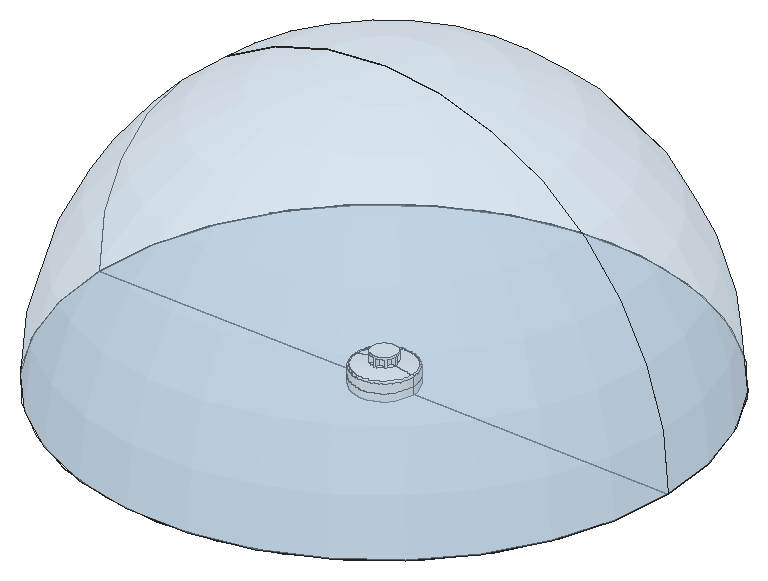
Revit family "4318_Conventional Heat Detector", category Fire Alarm Devices, host Face, Revit 2020
Family settings
  Host = Face
  Maintain Annotation Orientation = No
  Round Connector Dimension = Use Diameter
  Part Type = Normal
  OmniClass Number = 23.85.30.21
  OmniClass Title = Environmental Detection/Registration
  Cut with Voids When Loaded = No
  Shared = No
  Room Calculation Point = No
Parameters (values of type "4318W_2423W")
  ø (mm) = 102 mm  # constant formula
  Weight = "54g"  # constant formula
  Voltage Normal = "24 VDC"  # constant formula
  Voltage Allowed = "12 – 30 VDC"  # constant formula
  Version = "RVT20"
  Vds Approval = "G208048"  # constant formula
  Uniformat 2010 Description = "Detection and Alarm"  # constant formula
  Uniformat 2010  Code = "D7050"  # constant formula
  Uniclass 2015 Description = "Fire and smoke detector bases"  # constant formula
  Uniclass 2015 Code = "Pr_75_80_30_27 "  # constant formula
  URL = "https://www.panasonic-fire-security.com"
  Type Comments = "The combination heat detector 4318W is a conventional fixed temperature detector, category A1R. The detector will give an alarm at a certain fixed temperature (59 °C) and/or at a certain temperature rise, \"rate-of-rise\" function."
  Tested and Approved = "EN54-5"  # constant formula
  Product Material = Polycarbonate_Panasonic_White
  Omniclass Description = "Smoke Detectors"  # constant formula
  Omniclass Code = "23.85.30.21.11.11.11"  # constant formula
  Model = "4318W"
  Min_Wire Size = "Ø 0.65 mm (0.3 mm²)"  # constant formula
  Max_Wire Size = "Ø 1.6 mm (2 mm²)"  # constant formula
  Manufacturer = "Panasonic"  # constant formula
  Ingress Protection Rating = "IP51"  # constant formula
  H_Total (mm) = 51.5 mm  # constant formula
  H_Detector (mm) = 39 mm  # constant formula
  H_Base (mm) = 12.5 mm  # constant formula
  Description = "Conventional heat detector 4318W with 2423W conventional base"
  Default Elevation = 0 mm
  Current Quiescent = "0.015 mA"  # constant formula
  Current (Active) = "Min. 3 mA"  # constant formula
  Contact = ""
  Clearance Area (0,5m according EN54-14) [instance] = yes
  Clearance Area = Clearance Area
  CPR = "0786-CPR-21198"  # constant formula
  Bases = Base_2324 : 2423W
  Ambient Temperature Storage = "-25 to +70 °C"  # constant formula
  Ambient Temperature Operating = "-10 to +50 °C"  # constant formula
  Ambient Humidity = "Maximum 95 % RH "  # constant formula
Types (3, lengths in mm): name | Type Comments | Product Material | Model | Description | Bases
  (no name) | "The combination heat detector 4318W is a conventional fixed temperature detector, category A1R. The detector will give an alarm at a certain fixed temperature (59 °C) and/or at a certain temperature rise, \"rate-of-rise\" function." | Polycarbonate_Panasonic_White | "4318W" | "Conventional heat detector 4318W with 2423W conventional base" | Base_2324 : 2423W
  4318_2423 | "The combination heat detector 4318 is a conventional fixed temperature detector, category A1R. The detector will give an alarm at a certain fixed temperature (59 °C) and/or at a certain temperature rise, \"rate-of-rise\" function." | Polycarbonate_Panasonic_Grey | "4318" | "Conventional heat detector 4318 with 2423 conventional base" | Base_2324 : 2423
  4318W_2423W | "The combination heat detector 4318W is a conventional fixed temperature detector, category A1R. The detector will give an alarm at a certain fixed temperature (59 °C) and/or at a certain temperature rise, \"rate-of-rise\" function." | Polycarbonate_Panasonic_White | "4318W" | "Conventional heat detector 4318W with 2423W conventional base" | Base_2324 : 2423W
Reference planes
  plane 1 "Center (Front/Back)": y = 0
  plane 2: z = 0
  plane 3 "Center (Left/Right)": x = 0
  plane 4: z = 12.5
  plane 5: z = 51.5
  plane 6: z = 49.115
  plane 7: z = 35.375
  plane 8: z = 28.012
  plane 9: z = 30.442
Forms (mm)
  Extrusion 1, solid, material "Polycarbonate_Panasonic_White" <- "Product Material"
    sketch origin (0, 0, 0) x (1, 0, 0) y (0, 1, 0)
      loop
        circle (0, 0) r 51
      loop
        circle (0, 0) r 25
    from 12.5 to 28.012
  Revolve 2, solid, material "Polycarbonate_Panasonic_White" <- "Product Material"
    sketch origin (0, 0, 0) x (1, 0, 0) y (0, 0, 1)
      loop
        line (-51, 28.012) -> (0, 28.012) -> (0, 30.442) -> (-49.193, 30.442)
        arc (-49.193, 30.442) -> (-50.613, 29.612) -> (-51, 28.012) r 2.101
      axis (0, 30.442) -> (0, 28.012)
    angle from 0 to 360
  Extrusion 3, solid, material "Polycarbonate_Panasonic_White" <- "Product Material"
    sketch origin (0, 0, 0) x (1, 0, 0) y (0, 1, 0)
      loop
        circle (0, 0) r 21
    from 35.375 to 51.5
  Extrusion 4, void
    sketch origin (0, 0, 0) x (1, 0, 0) y (0, 1, 0)
      loop
        line (-18.878, 22.014) -> (-9.514, 11.094)
        arc (-9.514, 11.094) -> (-5.385, 13.799) -> (-0.74, 15.467) r 21
        line (-0.74, 15.467) -> (-0.79, 28.989)
        arc (-0.79, 28.989) -> (-10.434, 27.058) -> (-18.878, 22.014) r 29
      loop
        line (2.111, 28.923) -> (1.195, 16.37)
        arc (1.195, 16.37) -> (6.288, 14.775) -> (10.815, 11.948) r 21
        line (10.815, 11.948) -> (19.863, 21.13)
        arc (19.863, 21.13) -> (11.657, 26.554) -> (2.111, 28.923) r 29
      loop
        line (21.874, 19.04) -> (11.849, 10.314)
        arc (11.849, 10.314) -> (14.382, 5.826) -> (15.745, 0.857) r 21
        line (15.745, 0.857) -> (28.983, 1.003)
        arc (28.983, 1.003) -> (26.98, 10.633) -> (21.874, 19.04) r 29
      loop
        line (28.938, -1.898) -> (12.84, -0.842)
        arc (12.84, -0.842) -> (12.054, -5.123) -> (10.403, -9.149) r 21
        line (10.403, -9.149) -> (21.275, -19.707)
        arc (21.275, -19.707) -> (26.639, -11.462) -> (28.938, -1.898) r 29
      loop
        line (19.2, -21.734) -> (9.002, -10.19)
        arc (9.002, -10.19) -> (5.178, -12.542) -> (0.941, -14.028) r 21
        line (0.941, -14.028) -> (1.216, -28.975)
        arc (1.216, -28.975) -> (10.831, -26.901) -> (19.2, -21.734) r 29
      loop
        arc (-0.848, -14.572) -> (-5.316, -13.147) -> (-9.356, -10.766) r 21
        line (-9.356, -10.766) -> (-19.55, -21.42)
        arc (-19.55, -21.42) -> (-11.265, -26.723) -> (-1.685, -28.951) r 29
        line (-1.685, -28.951) -> (-0.848, -14.572)
      loop
        arc (-28.965, -1.429) -> (-26.821, -11.029) -> (-21.592, -19.36) r 29
        line (-21.592, -19.36) -> (-11.179, -10.023)
        arc (-11.179, -10.023) -> (-13.644, -5.775) -> (-15.055, -1.071) r 21
        line (-15.055, -1.071) -> (-28.965, -1.429)
      loop
        line (-28.963, 1.472) -> (-14.652, 0.745)
        arc (-14.652, 0.745) -> (-13.116, 5.402) -> (-10.543, 9.577) r 21
        line (-10.543, 9.577) -> (-20.983, 20.017)
        arc (-20.983, 20.017) -> (-26.639, 11.462) -> (-28.963, 1.472) r 29
    from 35.375 to 49.115
  Extrusion 5, solid, material "Clearance Area" <- "Clearance Area", visible <- "Clearance Area (0,5m according EN54-14)", detail levels medium+fine
    sketch origin (0, 0, 0) x (1, 0, 0) y (0, 1, 0)
      loop
        circle (0, 0) r 500
    from 0 to 1
  Revolve 6, solid, material "Polycarbonate_Panasonic_White" <- "Product Material"
    sketch origin (0, 0, 0) x (1, 0, 0) y (0, 0, 1)
      loop
        line (-49.193, 30.442) -> (0, 30.442) -> (0, 35.375) -> (-21, 35.375) -> (-49.193, 30.442)
      axis (0, 35.375) -> (0, 30.442)
    angle from 0 to 360
  Revolve 7, solid, material "Clearance Area" <- "Clearance Area", visible <- "Clearance Area (0,5m according EN54-14)"
    sketch origin (0, 0, 0) x (1, 0, 0) y (0, 0, 1)
      loop
        line (0, 0) -> (0, 500)
        arc (0, 500) -> (-353.553, 353.553) -> (-500, 0) r 500
        line (-500, 0) -> (0, 0)
      axis (0, 500) -> (0, 0)
    angle from 0 to 360
Cuts and joins
  Extrusion 4 cuts Extrusion 3
Lines and regions (mm)
  symbolic lines, style "Dash Fire", visible <- "Clearance Area (0,5m according EN54-14)", detail levels medium+fine
    curve 1: circle (0, 0, 0) r 500 normal (0, 0, 1)
Dimensions and locks
  "H_Base (mm)": plane 4 to host face
  "H_Detector (mm)": plane 5 to plane 4
  plane 6 to plane 7 to plane 9 to plane 8 to plane 4 = 13.74 mm locked, 4.933 mm locked, 2.429 mm locked, 15.512 mm locked
  aligned and locked: plane 2 to host face
  aligned and locked: level to host face
  aligned and locked: Revolve 2 sketch curve to plane 3 "Center (Left/Right)"
  aligned and locked: Extrusion 1 to plane 4
  aligned and locked: plane 6 to Extrusion 4
  aligned and locked: plane 5 to Extrusion 3
  aligned and locked: Revolve 2 sketch curve to plane 9
  aligned and locked: Revolve 2 sketch curve to Revolve 2 sketch curve
  aligned and locked: plane 8 to Extrusion 1
  aligned and locked: cut or joined group of Extrusion 3, Extrusion 4 to plane 7
  aligned and locked: plane 9 to Revolve 6 sketch curve
  aligned and locked: Revolve 6 sketch curve to plane 7
  aligned and locked: Revolve 6 sketch curve to Revolve 6 sketch curve
  aligned and locked: Extrusion 4 to Extrusion 3
Automatic sketch dimensions
  plane 1 "Center (Front/Back)" to curve 1 = 0 mm
  curve 1 to plane 3 "Center (Left/Right)" = 0 mm
  host sketch curve to host sketch curve = 2438.4 mm  (x2)
  Extrusion 1 sketch curve to Extrusion 1 sketch curve = 0 mm  (x2)
  plane 1 "Center (Front/Back)" to Extrusion 1 sketch curve = 0 mm
  Extrusion 1 sketch curve to plane 3 "Center (Left/Right)" = 0 mm
  Revolve 2 sketch curve to plane 8 = 0 mm
  plane 8 to Revolve 2 sketch curve = 0.345 mm
  Revolve 2 sketch curve to plane 3 "Center (Left/Right)" = 48.928 mm
  Revolve 2 sketch curve to Revolve 2 sketch curve = 0.265 mm
  Revolve 2 sketch curve to level = 609.6 mm
  plane 5 to Revolve 2 sketch curve = 2565.058 mm
  plane 1 "Center (Front/Back)" to Extrusion 3 sketch curve = 0 mm
  Extrusion 3 sketch curve to plane 3 "Center (Left/Right)" = 0 mm
  Extrusion 4 sketch curve to Extrusion 4 sketch curve = 0 mm  (x56)
  plane 1 "Center (Front/Back)" to Extrusion 4 sketch curve = 0 mm
  Extrusion 4 sketch curve to plane 3 "Center (Left/Right)" = 0 mm
  Extrusion 4 sketch curve to plane 3 "Center (Left/Right)" = 0.74 mm
  Extrusion 4 sketch curve to plane 3 "Center (Left/Right)" = 0.79 mm
  Extrusion 4 sketch curve to plane 3 "Center (Left/Right)" = 0.848 mm
  Extrusion 4 sketch curve to plane 3 "Center (Left/Right)" = 1.685 mm
  Extrusion 4 sketch curve to plane 3 "Center (Left/Right)" = 2.483 mm
  Extrusion 4 sketch curve to plane 3 "Center (Left/Right)" = 3.851 mm
  Extrusion 4 sketch curve to Extrusion 4 sketch curve = 2.552 mm
  Extrusion 4 sketch curve to plane 1 "Center (Front/Back)" = 0.79 mm
  Extrusion 4 sketch curve to Extrusion 4 sketch curve = 3.061 mm
  Extrusion 4 sketch curve to Extrusion 4 sketch curve = 8.508 mm
  Extrusion 4 sketch curve to Extrusion 4 sketch curve = 5.663 mm
  Extrusion 4 sketch curve to Extrusion 4 sketch curve = 1.029 mm
  Extrusion 4 sketch curve to Extrusion 4 sketch curve = 1.823 mm
  Extrusion 4 sketch curve to plane 1 "Center (Front/Back)" = 0.745 mm
  Extrusion 4 sketch curve to Extrusion 4 sketch curve = 6.555 mm
  plane 1 "Center (Front/Back)" to Extrusion 4 sketch curve = 1.071 mm
  Extrusion 4 sketch curve to Extrusion 4 sketch curve = 0.403 mm
  Extrusion 4 sketch curve to Extrusion 4 sketch curve = 9.365 mm
  Extrusion 4 sketch curve to Extrusion 4 sketch curve = 8.371 mm
  Extrusion 4 sketch curve to Extrusion 4 sketch curve = 2.105 mm
  Extrusion 4 sketch curve to Extrusion 4 sketch curve = 2.042 mm
  Extrusion 4 sketch curve to plane 1 "Center (Front/Back)" = 1.472 mm
  Extrusion 4 sketch curve to Extrusion 4 sketch curve = 13.908 mm
  plane 1 "Center (Front/Back)" to Extrusion 4 sketch curve = 1.429 mm
  Extrusion 4 sketch curve to Extrusion 4 sketch curve = 0.002 mm
  plane 3 "Center (Left/Right)" to Extrusion 4 sketch curve = 0.941 mm
  plane 3 "Center (Left/Right)" to Extrusion 4 sketch curve = 1.195 mm
  plane 3 "Center (Left/Right)" to Extrusion 4 sketch curve = 1.216 mm
  plane 3 "Center (Left/Right)" to Extrusion 4 sketch curve = 2.111 mm
  plane 3 "Center (Left/Right)" to Extrusion 4 sketch curve = 3.258 mm
  plane 3 "Center (Left/Right)" to Extrusion 4 sketch curve = 3.983 mm
  Extrusion 4 sketch curve to Extrusion 4 sketch curve = 2.37 mm
  Extrusion 4 sketch curve to Extrusion 4 sketch curve = 1.941 mm
  Extrusion 4 sketch curve to Extrusion 4 sketch curve = 5.019 mm
  Extrusion 4 sketch curve to Extrusion 4 sketch curve = 1.401 mm
  Extrusion 4 sketch curve to Extrusion 4 sketch curve = 7.556 mm
  Extrusion 4 sketch curve to Extrusion 4 sketch curve = 1.035 mm
  plane 1 "Center (Front/Back)" to Extrusion 4 sketch curve = 0.842 mm
  Extrusion 4 sketch curve to Extrusion 4 sketch curve = 6.916 mm
  Extrusion 4 sketch curve to plane 1 "Center (Front/Back)" = 0.857 mm
  Extrusion 4 sketch curve to Extrusion 4 sketch curve = 2.905 mm
  Extrusion 4 sketch curve to Extrusion 4 sketch curve = 8.797 mm
  Extrusion 4 sketch curve to Extrusion 4 sketch curve = 9.048 mm
  Extrusion 4 sketch curve to Extrusion 4 sketch curve = 2.075 mm
  Extrusion 4 sketch curve to Extrusion 4 sketch curve = 2.012 mm
  plane 1 "Center (Front/Back)" to Extrusion 4 sketch curve = 1.898 mm
  Extrusion 4 sketch curve to Extrusion 4 sketch curve = 13.193 mm
  Extrusion 4 sketch curve to plane 1 "Center (Front/Back)" = 1.003 mm
  Extrusion 4 sketch curve to Extrusion 4 sketch curve = 0.045 mm
  Extrusion 4 sketch curve to Extrusion 4 sketch curve = 2.06 mm
  Extrusion 4 sketch curve to Extrusion 4 sketch curve = 2.027 mm
  Extrusion 4 sketch curve to Extrusion 4 sketch curve = 5.423 mm
  Extrusion 4 sketch curve to Extrusion 4 sketch curve = 0.544 mm
  Extrusion 4 sketch curve to Extrusion 4 sketch curve = 3.805 mm
  Extrusion 4 sketch curve to Extrusion 4 sketch curve = 1.041 mm
  Extrusion 4 sketch curve to Extrusion 4 sketch curve = 0.743 mm
  plane 1 "Center (Front/Back)" to Extrusion 4 sketch curve = 4.995 mm
  plane 1 "Center (Front/Back)" to Extrusion 4 sketch curve = 4.305 mm
  Extrusion 4 sketch curve to Extrusion 4 sketch curve = 1.54 mm
  plane 1 "Center (Front/Back)" to Extrusion 4 sketch curve = 2.172 mm
  Extrusion 4 sketch curve to Extrusion 4 sketch curve = 1.517 mm
  Extrusion 4 sketch curve to Extrusion 4 sketch curve = 1.634 mm
  Extrusion 4 sketch curve to Extrusion 4 sketch curve = 2.09 mm
  Extrusion 4 sketch curve to Extrusion 4 sketch curve = 1.996 mm
  plane 1 "Center (Front/Back)" to Extrusion 5 sketch curve = 0 mm
  Extrusion 5 sketch curve to plane 3 "Center (Left/Right)" = 0 mm
  Revolve 6 sketch curve to plane 3 "Center (Left/Right)" = 0 mm
  Revolve 6 sketch curve to Revolve 6 sketch curve = 21 mm
  Revolve 6 sketch curve to Revolve 6 sketch curve = 28.193 mm
  Revolve 6 sketch curve to level = 609.6 mm
  plane 5 to Revolve 6 sketch curve = 2564.058 mm
  Revolve 7 sketch curve to level = 0 mm
  Revolve 7 sketch curve to plane 3 "Center (Left/Right)" = 0 mm  (x2)
  Revolve 7 sketch curve to plane 3 "Center (Left/Right)" = 500 mm
  Revolve 7 sketch curve to Revolve 7 sketch curve = 288.5 mm
  Revolve 7 sketch curve to Revolve 7 sketch curve = 71.5 mm
  radius of curve 1 = 500 mm
  radius of Extrusion 1 sketch curve = 51 mm
  radius of Extrusion 1 sketch curve = 25 mm
  radius of Extrusion 3 sketch curve = 21 mm
  radius of Extrusion 5 sketch curve = 500 mm
Nested families
  nested 1: "Base_2324" at (0, 0, 0), type <- "Bases", type "2423W"
Connectors
  electrical at (0, 0, 0)
    settings: index 1, voltage 0 V, apparent load 0 VA, apparent load phase1 0 VA, apparent load phase2 0 VA, apparent load phase3 0 VA, power factor 1, load classification "Other", number of poles 1, system type 11, power factor state 1, is connector primary yes, connector utility no, sub classification motor no, connector description ""
Definition of nested family "Base_2324"
  Parameters (values of type "2423W")
    ø (mm) = 102 mm  # constant formula
    Weight = "59g"  # constant formula
    Voltage Normal = "24 V DC"  # constant formula
    Voltage Allowed = "12 – 30 V DC"  # constant formula
    Version = "RVT20"  # constant formula
    Uniformat 2010 Description = "Detection and Alarm"  # constant formula
    Uniformat 2010  Code = "D7050"  # constant formula
    Uniclass 2015 Description = "Fire and smoke detector bases"  # constant formula
    Uniclass 2015 Code = "Pr_75_80_30_27 "  # constant formula
    URL = "https://www.panasonic-fire-security.com"
    Type Comments = "2423 is a common base for conventional detectors. Built-in LED that is activated when the detector goes into alarm stage."
    Tested and Approved = "Compliant with EN54-5 and EN54-7"  # constant formula
    Product Material = none
    Omniclass Description = "Smoke Detectors"  # constant formula
    Omniclass Code = "23.85.30.21.11.11.11"  # constant formula
    Model = "2423W"
    Min_Wire Size = "Ø 0.6 mm (0.3 mm²)"  # constant formula
    Max_Wire Size = "Ø 1.6 mm (2 mm²)"  # constant formula
    Manufacturer = "Panasonic"  # constant formula
    Ingress Protection Rating = "IP51"  # constant formula
    H_Total (mm) = 15 mm  # constant formula
    H_Base (mm) = 12.5 mm  # constant formula
    Description = "Conventional  Base_Screw connectors for zone line and external LED_White"
    Default Elevation = 0 mm
    Contact = ""
    Ambient Temperature Storage = "-20 to +70 °C"  # constant formula
    Ambient Temperature Operating = "-10 to +50 °C"  # constant formula
    Ambient Humidity = "Maximum 95 % RH"  # constant formula
  Types (3, lengths in mm): name | Model | Description
    (no name) | "2423W" | "Conventional  Base_Screw connectors for zone line and external LED_White"
    2423 | "2423" | "Conventional  Base_Screw connectors for zone line and external LED_Grey"
    2423W | "2423W" | "Conventional  Base_Screw connectors for zone line and external LED_White"
  Reference planes
    plane 1 "Center (Front/Back)": y = 0
    plane 2: z = 0
    plane 3 "Center (Left/Right)": x = 0
    plane 4: x = -51
    plane 5: x = 51
    plane 6: y = 51
    plane 7: y = -51
    plane 8: z = 15
    plane 9: z = 12.5
    plane 10: x = -48.1
    plane 11: x = -44.1
    plane 12: x = 44.1
    plane 13: x = 48.1
  Forms (mm)
    Extrusion 1, solid
      sketch origin (0, 0, 0) x (1, 0, 0) y (0, 1, 0)
        loop
          line (-1219.2, 1219.2) -> (-1219.2, -1219.2) -> (1219.2, -1219.2) -> (1219.2, 1219.2) -> (-1219.2, 1219.2)
      from 0 to -304.8
    Revolve 2, solid, material <- "Product Material"
      sketch origin (0, 0, 0) x (1, 0, 0) y (0, 0, 1)
        loop
          line (-48.1, 15) -> (-48.1, 12.5) -> (-51, 12.5) -> (-51, 0) -> (0, 0) -> (0, 12.5) -> (-44.1, 12.5) -> (-44.1, 15) -> (-48.1, 15)
        axis (0, 0) -> (0, 15)
      angle from 0 to 360
    Extrusion 3, solid, material <- "Product Material"
      sketch origin (0, 0, 0) x (1, 0, 0) y (0, 1, 0)
        loop
          arc (-44.5, 24.915) -> (-35.861, 36.263) -> (-24.418, 44.775) r 51
          arc (-24.418, 44.775) -> (-30.306, 44.059) -> (-36.194, 44.775) r 24.569
          line (-36.194, 44.775) -> (-44.5, 36.468)
          arc (-44.5, 36.468) -> (-43.692, 30.692) -> (-44.5, 24.915) r 21.059
        loop
          circle (-37.975, 38.033) r 2.14
      from 0 to 12.5
    Extrusion 4, void
      sketch origin (0, 0, 0) x (1, 0, 0) y (0, 1, 0)
        loop
          line (-11.575, 6.743) -> (-11.575, -10.154) -> (-9.534, -12.195) -> (10.466, -12.195) -> (12.214, -9.167) -> (12.214, 5.833) -> (6.731, 8.998) -> (-9.32, 8.998) -> (-11.575, 6.743)
        loop
          arc (-27.4, -24.218) -> (-27.4, -27.4) -> (-24.218, -27.4) r 2.25
          line (-24.218, -27.4) -> (-16.087, -19.269)
          arc (-16.087, -19.269) -> (-16.087, -16.087) -> (-19.269, -16.087) r 2.25
          line (-19.269, -16.087) -> (-27.4, -24.218)
        loop
          arc (16.087, 19.269) -> (16.087, 16.087) -> (19.269, 16.087) r 2.25
          line (19.269, 16.087) -> (27.4, 24.218)
          arc (27.4, 24.218) -> (27.4, 27.4) -> (24.218, 27.4) r 2.25
          line (24.218, 27.4) -> (16.087, 19.269)
      from 0 to 15
  Cuts and joins
    Extrusion 4 cuts Revolve 2
  Dimensions and locks
    "ø (mm)": plane 4 to plane 5
    equal spacing: plane 4, plane 3 "Center (Left/Right)", plane 5
    "H_Base (mm)": plane 9 to Extrusion 1
    "H_Total (mm)": plane 8 to Extrusion 1
    equal spacing: plane 11, plane 3 "Center (Left/Right)", plane 12
    equal spacing: plane 10, plane 3 "Center (Left/Right)", plane 13
    plane 4 to plane 10 to plane 11 = 2.9 mm locked, 4 mm locked
    aligned and locked: plane 2 to Extrusion 1
    aligned and locked: level to Extrusion 1
    aligned and locked: plane 9 to Revolve 2 sketch curve
    aligned and locked: Revolve 2 sketch curve to plane 9
    aligned and locked: Revolve 2 sketch curve to plane 8
    aligned and locked: plane 8 to Extrusion 4
    aligned and locked: Extrusion 4 to level
    aligned and locked: plane 9 to Extrusion 3
    aligned and locked: Extrusion 3 to level
  Automatic sketch dimensions
    Extrusion 1 sketch curve to Extrusion 1 sketch curve = 2438.4 mm  (x2)
    Extrusion 3 sketch curve to plane 4 = 13.751 mm
    Extrusion 3 sketch curve to plane 6 = 14.532 mm
    Extrusion 3 sketch curve to Extrusion 3 sketch curve = 1.564 mm
    Extrusion 3 sketch curve to plane 6 = 6.225 mm
    plane 6 to Extrusion 3 sketch curve = 17.628 mm
    plane 1 "Center (Front/Back)" to Extrusion 3 sketch curve = 0 mm
    Extrusion 3 sketch curve to plane 6 = 20.308 mm
    Extrusion 4 sketch curve to plane 7 = 26.782 mm
    plane 5 to Extrusion 4 sketch curve = 78.4 mm
    Extrusion 4 sketch curve to Extrusion 4 sketch curve = 1.591 mm  (x8)
    Extrusion 4 sketch curve to plane 7 = 23.6 mm
    Extrusion 4 sketch curve to plane 7 = 34.913 mm
    Extrusion 4 sketch curve to Extrusion 4 sketch curve = 8.132 mm  (x2)
    Extrusion 4 sketch curve to plane 7 = 31.731 mm
    Extrusion 4 sketch curve to plane 1 "Center (Front/Back)" = 6.743 mm
    Extrusion 4 sketch curve to Extrusion 4 sketch curve = 7.693 mm
    Extrusion 4 sketch curve to Extrusion 4 sketch curve = 2.041 mm  (x2)
    Extrusion 4 sketch curve to plane 1 "Center (Front/Back)" = 8.998 mm
    Extrusion 4 sketch curve to Extrusion 4 sketch curve = 2.255 mm
    Extrusion 4 sketch curve to Extrusion 4 sketch curve = 16.052 mm
    Extrusion 4 sketch curve to plane 7 = 38.805 mm
    Extrusion 4 sketch curve to Extrusion 4 sketch curve = 20 mm
    Extrusion 4 sketch curve to plane 1 "Center (Front/Back)" = 5.833 mm
    Extrusion 4 sketch curve to Extrusion 4 sketch curve = 5.482 mm
    Extrusion 4 sketch curve to plane 1 "Center (Front/Back)" = 19.269 mm
    Extrusion 4 sketch curve to Extrusion 4 sketch curve = 9.355 mm
    Extrusion 4 sketch curve to plane 1 "Center (Front/Back)" = 16.087 mm
    Extrusion 4 sketch curve to plane 1 "Center (Front/Back)" = 27.4 mm
    Extrusion 4 sketch curve to plane 1 "Center (Front/Back)" = 24.218 mm
    Extrusion 4 sketch curve to Extrusion 4 sketch curve = 3.028 mm
    Revolve 2 sketch curve to level = 0 mm
    Revolve 2 sketch curve to plane 4 = 0 mm
    Revolve 2 sketch curve to plane 3 "Center (Left/Right)" = 0 mm  (x2)
    Revolve 2 sketch curve to Revolve 2 sketch curve = 11.897 mm
    plane 8 to Revolve 2 sketch curve = 13.103 mm
    Revolve 2 sketch curve to Revolve 2 sketch curve = 2.9 mm
    Revolve 2 sketch curve to Revolve 2 sketch curve = 4 mm
    Extrusion 3 sketch curve to plane 3 "Center (Left/Right)" = 0 mm
    plane 4 to Extrusion 3 sketch curve = 6.5 mm  (x2)
    Extrusion 3 sketch curve to Extrusion 3 sketch curve = 6.525 mm
    Extrusion 3 sketch curve to Extrusion 3 sketch curve = 1.781 mm
    Extrusion 3 sketch curve to Extrusion 3 sketch curve = 5.888 mm
    radius of Extrusion 3 sketch curve = 2.14 mm
  Connectors
    electrical at (0, 0, 0)
      settings: index 1, voltage 0 V, apparent load 0 VA, apparent load phase1 0 VA, apparent load phase2 0 VA, apparent load phase3 0 VA, power factor 1, load classification none, number of poles 1, system type 11, power factor state 1, is connector primary yes, connector utility no, sub classification motor no, connector description ""
